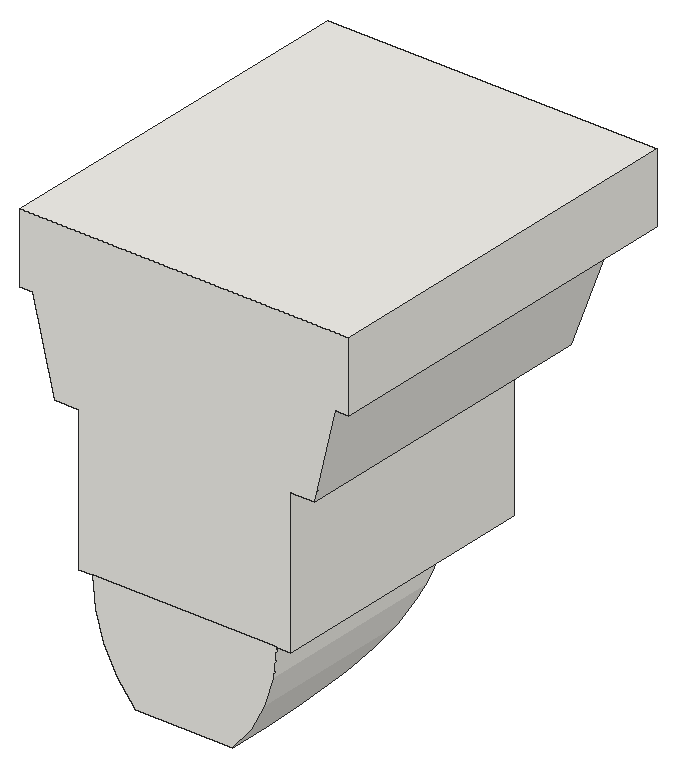
Revit family "corbel-bracket-Royal-Corinthian-BKT11x11-75x9-5", category Generic Models, host Wall, Revit 2026
Family settings
  Host = Wall
  Can host rebar = No
  Round Connector Dimension = Use Diameter
  Part Type = Normal
  Always vertical = Yes
  Cut with Voids When Loaded = No
  Maintain Annotation Orientation = No
  Shared = No
  Room Calculation Point = No
Parameters (values of type "BKT11x11.75x9.5")
  URL = "https://royalcorinthian.com/bracket-revit/"
  Type Comments = "Corbel"  # constant formula
  Model = "Bracket BKT11x11.75x9.5"  # constant formula
  Manufacturer = "Royal Corinthian"  # constant formula
  Finish = PVC - White
  Description = "BKT11x11.75x9.5 bracket, corbel."  # constant formula
  Default Elevation = 0' - 0"
Reference planes (in)
  plane 1: y = 0
  plane 2 "Center (Left/Right)": x = 1
  plane 3 "Wall Edge": y = 3
  plane 4 "Back": y = 3
  plane 5 "Front": y = 14
  plane 6 "Left": x = 5.70967
  plane 7 "Right": x = -3.70967
  plane 8 "Bottom": z = 0
  plane 9 "4": z = 11.70097
  plane 10 "5": y = 8.5
  plane 11 "6": x = 3.58969
  plane 12 "7": x = -1.58969
Forms (in)
  Extrusion 1, solid, material "PVC - White" <- "Finish"
    sketch origin (1, 0, 0) x (0, 1, 0) y (0, 0, 1)
      loop
        line (3, 11.70097) -> (3, 3.03762) -> (11, 3.03762) -> (11, 7.13986) -> (12.17524, 7.13986) -> (12.78806, 9.70097) -> (14, 9.70097) -> (14, 11.70097) -> (3, 11.70097)
    from -4.70967 to 4.70967
  Extrusion 2, void
    sketch origin (0, 3, 0) x (1, 0, 0) y (0, 0, 1)
      loop
        line (5.33374, 9.70097) -> (4.72097, 7.13986) -> (4.02861, 7.13986) -> (4.02861, 3.03762) -> (6.90839, 3.03762) -> (6.90839, 9.70097) -> (5.33374, 9.70097)
      loop
        line (-3.33374, 9.70097) -> (-5.3002, 9.70097) -> (-5.3002, 3.03762) -> (-2.02861, 3.03762) -> (-2.02861, 7.13986) -> (-2.72097, 7.13986) -> (-3.33374, 9.70097)
    from 7.1892 to -12.70063
  Extrusion 3, void
    sketch origin (0, 3, 0) x (1, 0, 0) y (0, 0, 1)
      loop
        arc (3.62875, 3.03762) -> (3.30649, 1.39691) -> (2.38757, 0) r 4.33767
        line (2.38757, 0) -> (5.70967, 0) -> (5.70967, 3.03762) -> (3.62875, 3.03762)
    from 7.1892 to -13.88573
  Extrusion 4, solid, material "PVC - White" <- "Finish", detail levels fine
    sketch origin (1, 0, 0) x (0, 1, 0) y (0, 0, 1)
      loop
        line (9, 3.03762) -> (3, 3.03762) -> (3, 0)
        arc (3, 0) -> (4.44771, 0.17365) -> (5.86718, 0.50704) r 13.10594
        arc (5.86718, 0.50704) -> (7.68554, 1.46042) -> (9, 3.03762) r 5.25657
    from -4.70967 to 3.02861
  Extrusion 5, void
    sketch origin (2, 3, 0) x (-1, 0, 0) y (0, 0, -1)
      loop
        line (3.62875, -3.03762) -> (5.70967, -3.03762) -> (5.70967, 0) -> (2.38757, 0)
        arc (2.38757, 0) -> (3.30649, -1.39691) -> (3.62875, -3.03762) r 4.33767
    from 7.1892 to -13.88573
  Extrusion 6, solid, material "PVC - White" <- "Finish", detail levels coarse+medium
    sketch origin (1, 0, 0) x (0, 1, 0) y (0, 0, 1)
      loop
        line (9, 3.03762) -> (3, 3.03762) -> (3, 0) -> (9, 0) -> (9, 3.03762)
    from -2.58969 to 2.58969
  Extrusion 7, solid, material "PVC - White" <- "Finish", detail levels coarse
    sketch origin (1, 0, 0) x (0, 1, 0) y (0, 0, 1)
      loop
        line (3, 11.70097) -> (3, 3.03762) -> (14, 3.03762) -> (14, 11.70097) -> (3, 11.70097)
    from -4.70967 to 4.70967
Cuts and joins
  Extrusion 2, Extrusion 5 cuts Extrusion 1
  Extrusion 3, Extrusion 5 cuts Extrusion 4
Lines and regions (in)
  symbolic lines
    curve 1: line (-3.70967, 3, 11.70097) -> (5.70967, 3, 11.70097)
    curve 2: line (5.70967, 3, 11.70097) -> (5.70967, 3, 9.70097)
    curve 3: line (5.70967, 3, 9.70097) -> (-3.70967, 3, 9.70097)
    curve 4: line (-3.70967, 3, 9.70097) -> (-3.70967, 3, 11.70097)
    curve 5: line (5.33374, 3, 9.70097) -> (4.72097, 3, 7.13986)
    curve 6: line (-2.72097, 3, 7.13986) -> (4.72097, 3, 7.13986)
    curve 7: line (-2.72097, 3, 7.13986) -> (-3.33374, 3, 9.70097)
    curve 8: line (-2.02861, 3, 3.03762) -> (-2.02861, 3, 7.13986)
    curve 9: line (-2.02861, 3, 3.03762) -> (4.02861, 3, 3.03762)
    curve 10: line (4.02861, 3, 7.13986) -> (4.02861, 3, 3.03762)
    curve 11: arc (3.62875, 3, 3.03762) -> (3.30649, 3, 1.39691) -> (2.38757, 3, 0) r 4.33767
    curve 12: arc (-0.38757, 3, 0) -> (-1.30649, 3, 1.39691) -> (-1.62875, 3, 3.03762) r 4.33767
    curve 13: line (-0.38757, 3, 0) -> (2.38757, 3, 0)
    curve 14: arc (1, 5.86718, 0.50704) -> (1, 7.68554, 1.46042) -> (1, 9, 3.03762) r 5.25657
    curve 15: arc (1, 3, 0) -> (1, 4.44771, 0.17365) -> (1, 5.86718, 0.50704) r 13.10594
    curve 16: line (1, 3, 3.03762) -> (1, 11, 3.03762)
    curve 17: line (1, 11, 3.03762) -> (1, 11, 7.13986)
    curve 18: line (1, 3, 7.13986) -> (1, 12.17524, 7.13986)
    curve 19: line (1, 12.17524, 7.13986) -> (1, 12.78806, 9.70097)
    curve 20: line (1, 3, 9.70097) -> (1, 14, 9.70097)
    curve 21: line (1, 14, 9.70097) -> (1, 14, 11.70097)
    curve 22: line (1, 14, 11.70097) -> (1, 3, 11.70097)
    curve 23: line (1, 3, 11.70097) -> (1, 3, 3.03762)
    curve 24: line (1, 3, 3.03762) -> (1, 3, 0)
Text (in)
  text "Placement Side" at (0, 40.15149, 123.01588), in view "Right"
  text "Placement Side" at (-70.3804, 28.46503, 0), in view "Ref. Level"
  text "Placement Side" at (0, 81.62555, 140.59947), in view "Left"
Dimensions and locks (in)
  locked: plane 3 "Wall Edge" to host wall
  equal spacing: plane 7 "Right", plane 2 "Center (Left/Right)", plane 6 "Left"
  plane 7 "Right" to plane 6 "Left" = 0' - 9.41933"
  plane 5 "Front" to plane 4 "Back" = 0' - 11"
  plane 9 "4" to plane 8 "Bottom" = 0' - 11.70097"
  equal spacing: plane 4 "Back", plane 10 "5", plane 5 "Front"
  locked: plane 3 "Wall Edge" to plane 5 "Front" at 11
  locked: plane 9 "4" to plane 8 "Bottom" at 11.70097
  locked: plane 8 "Bottom" to plane 9 "4" at 11.70097
  equal spacing: plane 12 "7", plane 2 "Center (Left/Right)", plane 11 "6"
  locked: plane 12 "7" to plane 11 "6" at 5.17938
  aligned and locked: plane 3 "Wall Edge" to plane 4 "Back"
  aligned and locked: plane 1 to host wall
  aligned and locked: Extrusion 1 sketch curve to plane 4 "Back"
  aligned and locked: plane 7 "Right" to Extrusion 1
  aligned and locked: Extrusion 1 to plane 6 "Left"
  aligned and locked: Extrusion 1 to Extrusion 2 sketch curve  (x3)
  aligned and locked: level to Extrusion 3 sketch curve
  aligned and locked: curve 1 to cut or joined group of Extrusion 1, Extrusion 2, Extrusion 5
  aligned and locked: curve 2 to cut or joined group of Extrusion 1, Extrusion 2, Extrusion 5
  aligned and locked: curve 3 to cut or joined group of Extrusion 1, Extrusion 2, Extrusion 5
  aligned and locked: curve 4 to cut or joined group of Extrusion 1, Extrusion 2, Extrusion 5
  aligned and locked: curve 5 to cut or joined group of Extrusion 1, Extrusion 2, Extrusion 5
  aligned and locked: curve 6 to cut or joined group of Extrusion 1, Extrusion 2, Extrusion 5
  aligned and locked: curve 7 to cut or joined group of Extrusion 1, Extrusion 2, Extrusion 5
  aligned and locked: curve 8 to cut or joined group of Extrusion 1, Extrusion 2, Extrusion 5
  aligned and locked: curve 9 to cut or joined group of Extrusion 1, Extrusion 2, Extrusion 5
  aligned and locked: curve 10 to cut or joined group of Extrusion 1, Extrusion 2, Extrusion 5
  aligned and locked: curve 11 to cut or joined group of Extrusion 3, Extrusion 4, Extrusion 5
  aligned and locked: curve 12 to cut or joined group of Extrusion 3, Extrusion 4, Extrusion 5
  aligned and locked: curve 13 to cut or joined group of Extrusion 3, Extrusion 4, Extrusion 5
  aligned and locked: curve 14 to cut or joined group of Extrusion 3, Extrusion 4, Extrusion 5
  aligned and locked: curve 15 to cut or joined group of Extrusion 3, Extrusion 4, Extrusion 5
  aligned and locked: curve 16 to cut or joined group of Extrusion 1, Extrusion 2, Extrusion 5
  aligned and locked: curve 17 to cut or joined group of Extrusion 1, Extrusion 2, Extrusion 5
  aligned and locked: curve 18 to cut or joined group of Extrusion 1, Extrusion 2, Extrusion 5
  aligned and locked: curve 19 to cut or joined group of Extrusion 1, Extrusion 2, Extrusion 5
  aligned and locked: curve 20 to cut or joined group of Extrusion 1, Extrusion 2, Extrusion 5
  aligned and locked: curve 21 to cut or joined group of Extrusion 1, Extrusion 2, Extrusion 5
  aligned and locked: curve 22 to cut or joined group of Extrusion 1, Extrusion 2, Extrusion 5
  aligned and locked: curve 23 to cut or joined group of Extrusion 1, Extrusion 2, Extrusion 5
  aligned and locked: curve 24 to cut or joined group of Extrusion 3, Extrusion 4, Extrusion 5
  aligned and locked: plane 7 "Right" to Extrusion 7
  aligned and locked: plane 7 "Right" to cut or joined group of Extrusion 1, Extrusion 2, Extrusion 5
  aligned and locked: Extrusion 7 to plane 7 "Right"
  aligned and locked: plane 9 "4" to Extrusion 7
  aligned and locked: plane 9 "4" to cut or joined group of Extrusion 1, Extrusion 2, Extrusion 5
  aligned and locked: plane 9 "4" to curve 1
  aligned and locked: Extrusion 7 to plane 9 "4"
  aligned and locked: Extrusion 7 to plane 6 "Left"
  aligned and locked: plane 6 "Left" to Extrusion 7  (x3)
  aligned and locked: plane 12 "7" to Extrusion 6
  aligned and locked: Extrusion 6 to plane 12 "7"
  aligned and locked: Extrusion 6 to plane 11 "6"
  aligned and locked: plane 11 "6" to Extrusion 6  (x2)
Automatic sketch dimensions
  curve 23 to host wall = 0' - 0"
  curve 20 to plane 5 "Front" = 0' - 0"
  curve 23 to plane 9 "4" = 0' - 0"
  curve 17 to plane 10 "5" = 0' - 2 1/2"
  curve 17 to curve 19 = 0' - 1.17524"
  curve 16 to curve 14 = 0' - 2.51195"
  curve 16 to curve 18 = 0' - 4.10224"
  curve 21 to plane 9 "4" = 0' - 2"
  curve 19 to curve 20 = 0' - 1.21194"
  plane 7 "Right" to curve 1 = 0' - 0"
  curve 12 to level = 0' - 0"
  plane 6 "Left" to curve 3 = 0' - 0"
  curve 7 to plane 7 "Right" = 0' - 0.9887"
  curve 9 to plane 7 "Right" = 0' - 1.68106"
  curve 8 to curve 11 = 0' - 1.3197"
  curve 13 to plane 2 "Center (Left/Right)" = 0' - 1.38757"
  plane 2 "Center (Left/Right)" to curve 13 = 0' - 1.38757"
  plane 2 "Center (Left/Right)" to curve 12 = 0' - 1.70891"
  curve 12 to curve 10 = 0' - 1.3197"
  curve 10 to curve 6 = 0' - 0.69236"
  level to curve 12 = 0' - 3.03762"
  curve 8 to curve 7 = 0' - 4.10224"
  curve 2 to plane 9 "4" = 0' - 2"
  curve 7 to plane 7 "Right" = 0' - 0.37593"
  plane 6 "Left" to curve 5 = 0' - 0.37593"
  Extrusion 1 sketch curve to plane 5 "Front" = 0' - 0"
  Extrusion 1 sketch curve to plane 9 "4" = 0' - 0"
  Extrusion 1 sketch curve to plane 10 "5" = 0' - 2 1/2"
  Extrusion 1 sketch curve to Extrusion 1 sketch curve = 0' - 1.17524"
  Extrusion 1 sketch curve to Extrusion 1 sketch curve = 0' - 1.21194"
  Extrusion 1 sketch curve to plane 9 "4" = 0' - 2"
  Extrusion 1 sketch curve to Extrusion 1 sketch curve = 0' - 2.56111"
  level to Extrusion 1 sketch curve = 0' - 3.03762"
  plane 7 "Right" to Extrusion 2 sketch curve = 0' - 1.59054"
  Extrusion 2 sketch curve to plane 7 "Right" = 0' - 0.37593"
  Extrusion 2 sketch curve to plane 7 "Right" = 0' - 0.9887"
  Extrusion 2 sketch curve to Extrusion 2 sketch curve = 0' - 0.69236"  (x2)
  plane 6 "Left" to Extrusion 2 sketch curve = 0' - 1.68106"
  plane 6 "Left" to Extrusion 2 sketch curve = 0' - 0.37593"
  Extrusion 2 sketch curve to plane 6 "Left" = 0' - 1.19872"
  level to Extrusion 2 sketch curve = 0' - 3.03762"
  Extrusion 2 sketch curve to Extrusion 2 sketch curve = 0' - 4.10224"
  Extrusion 2 sketch curve to plane 9 "4" = 0' - 2"
  plane 6 "Left" to Extrusion 3 sketch curve = 0' - 0"
  plane 2 "Center (Left/Right)" to Extrusion 3 sketch curve = 0' - 1.38757"
  Extrusion 3 sketch curve to plane 2 "Center (Left/Right)" = 0' - 1.70891"
  level to Extrusion 3 sketch curve = 0' - 3.03762"
  Extrusion 3 sketch curve to Extrusion 3 sketch curve = 0' - 0"  (x2)
  Extrusion 4 sketch curve to host wall = 0' - 0"
  Extrusion 4 sketch curve to level = 0' - 0"
  Extrusion 4 sketch curve to host wall = 0' - 0.83457"
  host wall to Extrusion 4 sketch curve = 0' - 1.38247"
  Extrusion 4 sketch curve to plane 10 "5" = 0' - 0 1/2"
  level to Extrusion 4 sketch curve = 0' - 3.03762"
  Extrusion 4 sketch curve to Extrusion 4 sketch curve = 0' - 2.51195"
  plane 9 "4" to Extrusion 4 sketch curve = 0' - 1.37837"
  Extrusion 5 sketch curve to level = 0' - 0"
  plane 7 "Right" to Extrusion 5 sketch curve = 0' - 0"
  plane 2 "Center (Left/Right)" to Extrusion 5 sketch curve = 0' - 1.38757"
  Extrusion 5 sketch curve to plane 2 "Center (Left/Right)" = 0' - 1.70891"
  Extrusion 5 sketch curve to level = 0' - 3.03762"
  Extrusion 5 sketch curve to Extrusion 5 sketch curve = 0' - 0"  (x2)
  Extrusion 6 sketch curve to host wall = 0' - 0"
  Extrusion 6 sketch curve to level = 0' - 0"
  Extrusion 6 sketch curve to plane 10 "5" = 0' - 0 1/2"
  level to Extrusion 6 sketch curve = 0' - 3.03762"
  Extrusion 7 sketch curve to host wall = 0' - 0"
  Extrusion 7 sketch curve to plane 5 "Front" = 0' - 0"
  Extrusion 7 sketch curve to plane 9 "4" = 0' - 0"
  level to Extrusion 7 sketch curve = 0' - 3.03762"
